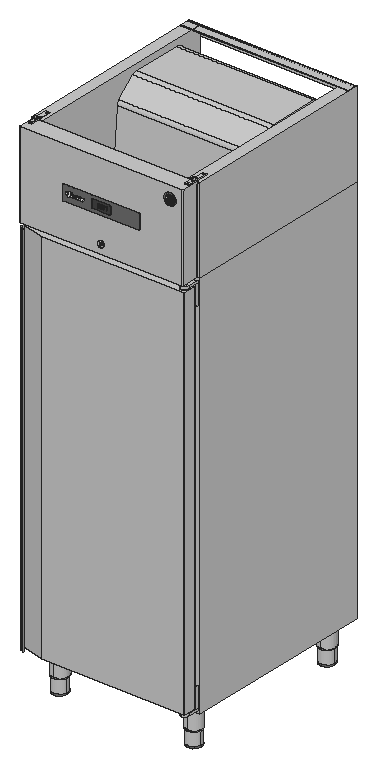
Revit family "QF_HOSHIZAKI_ADVANCE K 70-4 L DR", category Specialty Equipment, Revit 2016
Family settings
  Part Type = Normal
  Round Connector Dimension = Use Diameter
  OmniClass Number = 23.40.40.14
  OmniClass Title = Food Service Equipment
  Work Plane-Based = No
  Always vertical = Yes
  Cut with Voids When Loaded = No
  Shared = No
  Room Calculation Point = No
Parameters (values of type "131701010")
  Weight = 123.00 kg
  Volts = 230 V
  URL Cutsheet = ""
  URL = "www.hoshizaki-europe.com"
  Status [instance] = ""
  Specification by User [instance] = ""
  Specification by Manufacturer [instance] = ""
  Serial Number = ""
  Seismic Rating = ""
  SMACNA No = ""
  Revision Code [instance] = ""
  Phase = 1
  Number of Poles = 2
  NAFEM Spec ID Number = ""
  Model = "ADVANCE K 70-4 L DR"
  Min Ckt Ampacity = 0 A
  Max Overcurrent Protection = 0 A
  Masterspec = ""
  Manufacturer = "HOSHIZAKI"
  Length Actual = 654 mm
  Item Number [instance] = ""
  Installed By [instance] = ""
  Identify Quantity as Lot [instance] = no
  Height Actual = 2000 mm
  HP power = ""
  Furnished By [instance] = ""
  Foodservice Equipment Identifier [instance] = yes
  FL Amps = 6.52 A
  Electric power = 1500 W
  Electric Connection Type [instance] = ""
  Elec Conn RI Height [instance] = 0 mm
  Elec Conn Connection Height [instance] = 1600 mm
  Description = "ADVANCE REFRIGERATOR, 2/1 GN DEEP, AISI 304 STAINLESS STEEL EXTERIOR AND INTERIOR, HC NATURAL REFRIGERANT, LEGS"
  Depth Actual = 830 mm
  Cycle = 50 Hz
  Cost = 0
  Conn Plug = ""
  Conn Conduit = no
  CSI MasterFormat = ""
  Assembly Code = "E1090320"
  Apparent Power = 1500 VA
  Accessory = no
Reference planes
  plane 1 "Center (Front/Back)": y = 0
  plane 2: z = 0
  plane 3 "Center (Left/Right)": x = 0
Forms (mm)
  Extrusion 1, solid, not visible
    sketch origin (623, -2, 1700.5) x (1, 0, 0) y (0, 1, 0)
      loop
        line (0, 0) -> (2, 0) -> (2, 2) -> (0, 2) -> (0, 0)
    from 0 to 2
Dimensions and locks
  aligned and locked: level to plane 2
Nested families
  nested 1: "QF_HOSHIZAKI_131701010_230V_1Ph_50Hz" at (0, 0, 150), type "131701010_230V/1Ph/50Hz"
    with Show Logo yes, Show Clearance yes
  nested 2: "QF_HOSHIZAKI_PRE_ADV_LEGS" at (0, 0, 0), type "760660118-654X830"
    with Length Actual 654 mm, Height Actual 150 mm, Depth Actual 830 mm
  nested 3: "QF_HOSHIZAKI_AD_70_RX_SS_DOOR" at (0, -760, 160), type "AD_70_RX_SS_DOOR"
    with Show Logo yes, Show Clearance yes
Connectors
  electrical at (624, 0, 1701.5), driven by "Apparent Power", driven by "Number of Poles", driven by "Volts"
    settings: on Extrusion 1, index 1, voltage 230 V, apparent load 0 VA, apparent load phase1 1500 VA, apparent load phase2 0 VA, apparent load phase3 0 VA, power factor 1, load classification "Other", number of poles 2, system type 31, power factor state 1, is connector primary yes, connector utility no, sub classification motor no, connector description "Electric connection for '131701010'"
Definition of nested family "QF_HOSHIZAKI_131701010_230V_1Ph_50Hz"
  Parameters (values of type "131701010_230V/1Ph/50Hz")
    Show Logo [instance] = yes
    Show Clearance [instance] = yes
    Height Actual = 150 mm
    Assembly Code = "E1090300"
  Reference planes
    plane 1 "Back": y = 0
    plane 2: z = 0
    plane 3 "Left": x = 0
    plane 4 "Right": x = 654
    plane 5 "Front": y = -830.03
    plane 6 "Top": z = 1850
  Forms (mm)
    Extrusion 1, solid
      sketch origin (-36.57, 17.6, 1850) x (1, 0, 0) y (0, 1, 0)
        loop
          line (675.57, -773.038) -> (675.57, -726.21) -> (660.57, -726.21) -> (660.57, -773.038) -> (675.57, -773.038)
        loop
          circle (668.07, -734.247) r 1.711
        loop
          circle (668.07, -765.001) r 1.711
      from 0 to 2
    Extrusion 2, solid
      sketch origin (-36.57, -41.259, 1850) x (1, 0, 0) y (0, 1, 0)
        loop
          line (675.57, -752.351) -> (675.57, -720.851) -> (660.57, -720.851) -> (660.57, -752.351) -> (675.57, -752.351)
        loop
          circle (668.07, -727.851) r 1.711
        loop
          circle (668.07, -745.351) r 1.711
      from 0 to 2
    Extrusion 3, solid
      sketch origin (624, 17.6, -100.1) x (0, 1, 0) y (0, 0, 1)
        loop
          arc (-776.21, 1952.1) -> (-777.016, 1954.865) -> (-774.851, 1952.966) r 1.5
          line (-774.851, 1952.966) -> (-772.968, 1952.281)
          arc (-772.968, 1952.281) -> (-778.164, 1956.504) -> (-776.21, 1950.1) r 3.5
          line (-776.21, 1950.1) -> (-773.038, 1950.1) -> (-773.038, 1952.1) -> (-776.21, 1952.1)
      from 0 to 15
    Extrusion 4, solid
      sketch origin (-645.57, 17.6, 1850) x (1, 0, 0) y (0, 1, 0)
        loop
          line (675.57, -773.038) -> (675.57, -726.21) -> (660.57, -726.21) -> (660.57, -773.038) -> (675.57, -773.038)
        loop
          circle (668.07, -734.247) r 1.711
        loop
          circle (668.07, -765.001) r 1.711
      from 0 to 2
    Extrusion 5, solid
      sketch origin (-645.57, -41.259, 1850) x (1, 0, 0) y (0, 1, 0)
        loop
          line (675.57, -752.351) -> (675.57, -720.851) -> (660.57, -720.851) -> (660.57, -752.351) -> (675.57, -752.351)
        loop
          circle (668.07, -727.851) r 1.711
        loop
          circle (668.07, -745.351) r 1.711
      from 0 to 2
    Extrusion 6, solid
      sketch origin (15, 17.6, -100.1) x (0, 1, 0) y (0, 0, 1)
        loop
          arc (-776.21, 1952.1) -> (-777.016, 1954.865) -> (-774.851, 1952.966) r 1.5
          line (-774.851, 1952.966) -> (-772.968, 1952.281)
          arc (-772.968, 1952.281) -> (-778.164, 1956.504) -> (-776.21, 1950.1) r 3.5
          line (-776.21, 1950.1) -> (-773.038, 1950.1) -> (-773.038, 1952.1) -> (-776.21, 1952.1)
      from 0 to 15
    Extrusion 7, solid
      sketch origin (0, 0, -100) x (0, 1, 0) y (0, 0, 1)
        loop
          line (-760, 1617.5) -> (0, 1617.5) -> (0, 1948.5)
          arc (0, 1948.5) -> (-0.439, 1949.561) -> (-1.5, 1950) r 1.5
          line (-1.5, 1950) -> (-759.35, 1950)
          arc (-759.35, 1950) -> (-759.81, 1949.81) -> (-760, 1949.35) r 0.65
          line (-760, 1949.35) -> (-760, 1617.5)
      from 0 to 45
    Extrusion 8, solid
      sketch origin (609, 0, -100) x (0, 1, 0) y (0, 0, 1)
        loop
          line (-760, 1617.5) -> (0, 1617.5) -> (0, 1948.5)
          arc (0, 1948.5) -> (-0.439, 1949.561) -> (-1.5, 1950) r 1.5
          line (-1.5, 1950) -> (-759.35, 1950)
          arc (-759.35, 1950) -> (-759.81, 1949.81) -> (-760, 1949.35) r 0.65
          line (-760, 1949.35) -> (-760, 1617.5)
      from 0 to 45
    Extrusion 9, solid
      sketch origin (0, 1.5, -100.1) x (0, 1, 0) y (0, 0, 1)
        loop
          line (-1.51, 1951.6) -> (-38.51, 1951.6) -> (-38.51, 1950.1) -> (-3, 1950.1)
          arc (-3, 1950.1) -> (-1.939, 1949.661) -> (-1.5, 1948.6) r 1.5
          line (-1.5, 1948.6) -> (-1.5, 1914.7) -> (0, 1914.7) -> (0, 1950.09)
          arc (0, 1950.09) -> (-0.442, 1951.158) -> (-1.51, 1951.6) r 1.51
      from 1.06 to 653.06
    Extrusion 10, solid
      sketch origin (0, 17.6, 1849.9) x (1, 0, 0) y (0, 1, 0)
        loop
          line (10, -778.8) -> (10, -842.7)
          arc (10, -842.7) -> (11.435, -846.165) -> (14.9, -847.6) r 4.9
          line (14.9, -847.6) -> (639.1, -847.6)
          arc (639.1, -847.6) -> (642.565, -846.165) -> (644, -842.7) r 4.9
          line (644, -842.7) -> (644, -778.8)
          arc (644, -778.8) -> (643.649, -777.951) -> (642.8, -777.6) r 1.2
          line (642.8, -777.6) -> (11.2, -777.6)
          arc (11.2, -777.6) -> (10.351, -777.951) -> (10, -778.8) r 1.2
      from -332.4 to 0.1
    Extrusion 11, solid
      sketch origin (7.29, 0, -100) x (0, 1, 0) y (0, 0, 1)
        loop
          arc (-113.281, 1932.651) -> (-120.8, 1936.992) -> (-129.35, 1938.5) r 25
          line (-129.35, 1938.5) -> (-324.65, 1938.5)
          arc (-324.65, 1938.5) -> (-333.2, 1936.992) -> (-340.719, 1932.651) r 25
          line (-340.719, 1932.651) -> (-408.922, 1875.423)
          arc (-408.922, 1875.423) -> (-415.027, 1867.815) -> (-417.757, 1858.45) r 25
          line (-417.757, 1858.45) -> (-436.998, 1638.52) -> (-17.002, 1638.52) -> (-36.243, 1858.45)
          arc (-36.243, 1858.45) -> (-38.973, 1867.815) -> (-45.078, 1875.423) r 25
          line (-45.078, 1875.423) -> (-113.281, 1932.651)
      from 52.71 to 586.71
    Extrusion 12, solid
      sketch origin (0, 0, -100) x (1, 0, 0) y (0, 0, 1)
        loop
          line (45, 1638.52) -> (45, 1617.5) -> (609, 1617.5) -> (609, 1638.52) -> (45, 1638.52)
      from 0 to 760
    Extrusion 13, solid, visible <- "Show Logo"
      sketch origin (1053.884, -828.5, -60.1) x (-1, 0, 0) y (0, 0, -1)
        loop
          circle (459.884, -1862.5) r 13.99
      from 0 to 2.5
    Extrusion 14, solid, visible <- "Show Logo"
      sketch origin (1053.884, -829, -60.1) x (-1, 0, 0) y (0, 0, -1)
        loop
          circle (459.884, -1862.5) r 15
        loop
          arc (446.884, -1862.5) -> (460.705, -1875.474) -> (472.781, -1860.863) r 13
          line (472.781, -1860.863) -> (470.355, -1858.437) -> (469.346, -1862.201) -> (466.355, -1863.928) -> (465.024, -1865.26) -> (463.375, -1865.26) -> (462.04, -1870.241) -> (457.755, -1870.241) -> (459.339, -1867.979) -> (460.402, -1864.014) -> (461.224, -1860.945) -> (462.416, -1856.497) -> (461.216, -1855.297) -> (459.433, -1857.843) -> (455.784, -1851.523) -> (460.361, -1851.523) -> (461.471, -1853.446) -> (469.213, -1853.446)
          arc (469.213, -1853.446) -> (460.394, -1849.51) -> (451.293, -1852.743) r 13
          line (451.293, -1852.743) -> (455.577, -1853.891) -> (453.752, -1856.497) -> (455.349, -1856.497) -> (454.477, -1866.459) -> (452.538, -1866.459) -> (446.884, -1862.5)
        loop
          line (447.853, -1857.467) -> (452.313, -1861.926) -> (450.144, -1853.891)
          arc (450.144, -1853.891) -> (448.878, -1855.602) -> (447.853, -1857.467) r 15.828
        loop
          line (463.583, -1862.877) -> (466.64, -1862.399) -> (464.901, -1861.285) -> (463.583, -1857.664) -> (463.583, -1862.877)
        loop
          line (464.827, -1855.979) -> (468.296, -1856.908) -> (469.573, -1854.916) -> (468.881, -1854.224) -> (467.914, -1855.035) -> (464.827, -1855.979)
        loop
          line (462.609, -1872.307) -> (462.609, -1874.009) -> (464.927, -1873.388) -> (462.609, -1872.307)
        loop
          line (460.361, -1874.662) -> (459.594, -1873.335) -> (460.801, -1872.638) -> (459.186, -1872.205) -> (458.298, -1874.11) -> (460.361, -1874.662)
        loop
          line (459.623, -1846.783) -> (460.706, -1845.701) -> (462.247, -1845.701) -> (461.191, -1844.645) -> (461.503, -1842.874) -> (459.623, -1843.959) -> (457.743, -1842.874) -> (458.055, -1844.645) -> (456.999, -1845.701) -> (458.54, -1845.701) -> (459.623, -1846.783)
        loop
          line (446.86, -1853.7) -> (446.594, -1852.191) -> (447.478, -1850.929) -> (446.007, -1851.188) -> (444.736, -1849.917) -> (444.547, -1852.08) -> (442.579, -1852.997) -> (444.209, -1853.757) -> (444.468, -1855.228) -> (445.352, -1853.965) -> (446.86, -1853.7)
        loop
          line (452.395, -1848.68) -> (452.856, -1847.219) -> (454.223, -1846.508) -> (452.799, -1846.059) -> (452.258, -1844.344) -> (451.091, -1846.175) -> (448.922, -1846.08) -> (450.017, -1847.507) -> (449.568, -1848.931) -> (450.935, -1848.219) -> (452.395, -1848.68)
        loop
          line (472.909, -1853.7) -> (474.417, -1853.965) -> (475.301, -1855.228) -> (475.56, -1853.757) -> (477.19, -1852.997) -> (475.222, -1852.08) -> (475.033, -1849.917) -> (473.761, -1851.188) -> (472.291, -1850.929) -> (473.175, -1852.191) -> (472.909, -1853.7)
        loop
          line (467.374, -1848.68) -> (468.834, -1848.219) -> (470.201, -1848.931) -> (469.752, -1847.507) -> (470.847, -1846.08) -> (468.678, -1846.175) -> (467.511, -1844.344) -> (466.97, -1846.059) -> (465.546, -1846.508) -> (466.913, -1847.219) -> (467.374, -1848.68)
      from 0 to 2.5
    Extrusion 15, solid, visible <- "Show Logo"
      sketch origin (1053.884, -829, -60.1) x (-1, 0, 0) y (0, 0, -1)
        loop
          line (462.609, -1874.009) -> (462.609, -1872.307) -> (462.085, -1870.241) -> (457.755, -1870.241) -> (459.339, -1867.979) -> (462.416, -1856.497) -> (461.216, -1855.297) -> (459.433, -1857.843) -> (455.808, -1851.565) -> (453.948, -1851.565) -> (455.577, -1853.891) -> (454.477, -1866.459) -> (456.345, -1871.339)
          arc (456.345, -1871.339) -> (456.868, -1874.025) -> (459.213, -1875.435) r 3.366
          arc (459.213, -1875.435) -> (460.198, -1875.496) -> (461.183, -1875.435) r 8.046
          line (461.183, -1875.435) -> (462.609, -1874.009)
        loop
          line (456.854, -1851.523) -> (460.361, -1851.523) -> (460.916, -1852.485) -> (462.702, -1852.485) -> (463.779, -1851.407) -> (460.623, -1851.407) -> (461.563, -1850.468) -> (456.245, -1850.468) -> (456.854, -1851.523)
        loop
          line (460.361, -1874.662) -> (459.594, -1873.335) -> (460.801, -1872.638) -> (459.186, -1872.205) -> (458.298, -1874.11) -> (460.361, -1874.662)
      from 0 to 2.5
    Extrusion 16, solid, visible <- "Show Logo"
      sketch origin (1039.5, -828.5, 1238.8) x (-1, 0, 0) y (0, 0, -1)
        loop
          circle (445.5, -563.6) r 22.5
      from 0 to 2
    Extrusion 17, solid
      sketch origin (0, 0, 0) x (1, 0, 0) y (0, 0, 1)
        loop
          line (0, 1517.5) -> (0, 0) -> (654, 0) -> (654, 1517.5) -> (0, 1517.5)
        loop
          line (60, 1457.5) -> (60, 60) -> (594, 60) -> (594, 1457.5) -> (60, 1457.5)
      from 0 to 760
    Extrusion 18, solid
      sketch origin (0, 0, 0) x (1, 0, 0) y (0, 0, 1)
        loop
          line (60, 60) -> (594, 60) -> (594, 1457.5) -> (60, 1457.5) -> (60, 60)
      from 0 to 45
    Extrusion 19, solid
      sketch origin (619.076, -828.5, -100.11) x (1, 0, 0) y (0, 0, 1)
        loop
          arc (-147.076, 1752.13) -> (-143.541, 1753.594) -> (-142.076, 1757.13) r 5
          line (-142.076, 1757.13) -> (-142.076, 1807.13)
          arc (-142.076, 1807.13) -> (-143.541, 1810.666) -> (-147.076, 1812.13) r 5
          line (-147.076, 1812.13) -> (-437.076, 1812.13)
          arc (-437.076, 1812.13) -> (-440.612, 1810.666) -> (-442.076, 1807.13) r 5
          line (-442.076, 1807.13) -> (-442.076, 1757.13)
          arc (-442.076, 1757.13) -> (-440.612, 1753.594) -> (-437.076, 1752.13) r 5
          line (-437.076, 1752.13) -> (-147.076, 1752.13)
        loop
          line (-329.576, 1792.63) -> (-329.576, 1771.63)
          arc (-329.576, 1771.63) -> (-327.819, 1767.387) -> (-323.576, 1765.63) r 6
          line (-323.576, 1765.63) -> (-260.576, 1765.63)
          arc (-260.576, 1765.63) -> (-256.334, 1767.387) -> (-254.576, 1771.63) r 6
          line (-254.576, 1771.63) -> (-254.576, 1792.63)
          arc (-254.576, 1792.63) -> (-256.334, 1796.873) -> (-260.576, 1798.63) r 6
          line (-260.576, 1798.63) -> (-323.576, 1798.63)
          arc (-323.576, 1798.63) -> (-327.819, 1796.873) -> (-329.576, 1792.63) r 6
      from 0 to 2
    Extrusion 20, solid
      sketch origin (619.076, -828.5, -100.11) x (1, 0, 0) y (0, 0, 1)
        loop
          arc (-323.576, 1798.63) -> (-327.819, 1796.873) -> (-329.576, 1792.63) r 6
          line (-329.576, 1792.63) -> (-329.576, 1771.63)
          arc (-329.576, 1771.63) -> (-327.819, 1767.387) -> (-323.576, 1765.63) r 6
          line (-323.576, 1765.63) -> (-260.576, 1765.63)
          arc (-260.576, 1765.63) -> (-256.334, 1767.387) -> (-254.576, 1771.63) r 6
          line (-254.576, 1771.63) -> (-254.576, 1792.63)
          arc (-254.576, 1792.63) -> (-256.334, 1796.873) -> (-260.576, 1798.63) r 6
          line (-260.576, 1798.63) -> (-323.576, 1798.63)
      from 0 to 2
    Extrusion 21, solid
      sketch origin (619.076, -829, -100.11) x (1, 0, 0) y (0, 0, 1)
        loop
          line (-298.911, 1787.691) -> (-298.115, 1788.439) -> (-298.929, 1789.206) -> (-304.501, 1789.206) -> (-305.3, 1788.422) -> (-304.534, 1787.691) -> (-298.911, 1787.691)
        loop
          line (-296.938, 1787.449) -> (-297.831, 1788.111) -> (-298.725, 1787.449) -> (-298.725, 1783.432) -> (-297.831, 1782.769) -> (-296.938, 1783.432) -> (-296.938, 1787.449)
        loop
          line (-298.911, 1777.181) -> (-304.534, 1777.181) -> (-305.3, 1776.45) -> (-304.501, 1775.666) -> (-298.929, 1775.666) -> (-298.115, 1776.432) -> (-298.911, 1777.181)
        loop
          line (-296.938, 1777.423) -> (-296.938, 1781.44) -> (-297.831, 1782.103) -> (-298.725, 1781.44) -> (-298.725, 1777.423) -> (-297.831, 1776.761) -> (-296.938, 1777.423)
        loop
          line (-298.911, 1783.189) -> (-304.534, 1783.189) -> (-305.3, 1782.459) -> (-304.501, 1781.675) -> (-298.929, 1781.675) -> (-298.115, 1782.441) -> (-298.911, 1783.189)
        loop
          line (-270.911, 1787.691) -> (-270.115, 1788.439) -> (-270.929, 1789.206) -> (-276.501, 1789.206) -> (-277.3, 1788.422) -> (-276.534, 1787.691) -> (-270.911, 1787.691)
        loop
          line (-268.938, 1787.449) -> (-269.831, 1788.111) -> (-270.725, 1787.449) -> (-270.725, 1783.432) -> (-269.831, 1782.769) -> (-268.938, 1783.432) -> (-268.938, 1787.449)
        loop
          line (-268.938, 1777.423) -> (-268.938, 1781.44) -> (-269.831, 1782.103) -> (-270.725, 1781.44) -> (-270.725, 1777.423) -> (-269.831, 1776.761) -> (-268.938, 1777.423)
        loop
          line (-294.968, 1776.333) -> (-293.829, 1775.386) -> (-292.676, 1776.348) -> (-293.829, 1777.28) -> (-294.968, 1776.333)
        loop
          line (-282.911, 1777.226) -> (-288.534, 1777.226) -> (-289.3, 1776.496) -> (-288.501, 1775.712) -> (-282.929, 1775.712) -> (-282.115, 1776.478) -> (-282.911, 1777.226)
        loop
          line (-280.938, 1777.469) -> (-280.938, 1781.486) -> (-281.831, 1782.148) -> (-282.725, 1781.486) -> (-282.725, 1777.469) -> (-281.831, 1776.806) -> (-280.938, 1777.469)
        loop
          line (-282.911, 1787.737) -> (-282.115, 1788.485) -> (-282.929, 1789.251) -> (-288.501, 1789.251) -> (-289.3, 1788.467) -> (-288.534, 1787.737) -> (-282.911, 1787.737)
        loop
          line (-280.938, 1787.494) -> (-281.831, 1788.157) -> (-282.725, 1787.494) -> (-282.725, 1783.477) -> (-281.831, 1782.815) -> (-280.938, 1783.477) -> (-280.938, 1787.494)
        loop
          line (-282.911, 1781.728) -> (-282.115, 1782.476) -> (-282.929, 1783.243) -> (-288.501, 1783.243) -> (-289.3, 1782.459) -> (-288.534, 1781.728) -> (-282.911, 1781.728)
        loop
          line (-290.492, 1787.494) -> (-290.492, 1783.477) -> (-289.599, 1782.815) -> (-288.705, 1783.477) -> (-288.705, 1787.494) -> (-289.599, 1788.157) -> (-290.492, 1787.494)
      from 0 to 2
    Revolve 22, solid
      sketch origin (327, 917.6, -100.11) x (0, 1, 0) y (0, 0, 1)
        loop
          line (-1752.6, 1652.1) -> (-1747.6, 1652.1) -> (-1747.6, 1662.634)
          arc (-1747.6, 1662.634) -> (-1748.329, 1663.731) -> (-1749.631, 1663.534) r 1.226
          line (-1749.631, 1663.534) -> (-1752.6, 1660.565) -> (-1752.6, 1652.1)
        axis (-1747.6, 1652.1) -> (-1752.6, 1652.1)
      angle from 0 to 360
    Extrusion 23, void
      sketch origin (-818.06, -833.5, -101.61) x (1, 0, 0) y (0, 0, 1)
        loop
          line (1143.96, 1657.815) -> (1143.96, 1649.385) -> (1146.16, 1649.385) -> (1146.16, 1657.815) -> (1143.96, 1657.815)
      from -1.469 to 2
    Extrusion 24, solid, visible <- "Show Logo"
      sketch origin (787.623, -829, -98.186) x (1, 0, 0) y (0, 0, 1)
        loop
          line (-574.302, 1788.729) -> (-583.131, 1788.729)
          arc (-583.131, 1788.729) -> (-589.303, 1787.599) -> (-594.673, 1784.355) r 17.416
          arc (-594.673, 1784.355) -> (-596.462, 1781.094) -> (-595.769, 1777.439) r 5.506
          arc (-595.769, 1777.439) -> (-593.146, 1774.866) -> (-589.587, 1773.956) r 7.07
          line (-589.587, 1773.956) -> (-587.25, 1773.956) -> (-588.248, 1771.34) -> (-581.613, 1771.34) -> (-580.432, 1773.956) -> (-571.398, 1773.956) -> (-569.064, 1779.592) -> (-566.746, 1773.956) -> (-559.715, 1773.956) -> (-557.728, 1776.29) -> (-552.838, 1776.29) -> (-551.953, 1773.956) -> (-545.563, 1773.956) -> (-543.121, 1779.778) -> (-540.707, 1773.914) -> (-533.897, 1779.586) -> (-536.239, 1773.956) -> (-530.603, 1773.956) -> (-526.429, 1784.233) -> (-531.941, 1784.233) -> (-537.329, 1779.747) -> (-539.135, 1784.233) -> (-544.054, 1784.233) -> (-547.268, 1776.58) -> (-550.408, 1784.233) -> (-554.271, 1784.233) -> (-561.118, 1776.477) -> (-561.995, 1776.477) -> (-562.958, 1778.877)
          arc (-562.958, 1778.877) -> (-561.217, 1779.568) -> (-560.011, 1781.001) r 3.84
          arc (-560.011, 1781.001) -> (-560.124, 1783.171) -> (-562.025, 1784.225) r 2.241
          line (-562.025, 1784.225) -> (-573.005, 1784.225) -> (-576.227, 1776.507) -> (-579.37, 1776.507) -> (-576.183, 1784.227) -> (-585.103, 1784.227) -> (-586.099, 1781.742) -> (-583.981, 1781.742) -> (-586.194, 1776.345)
          arc (-586.194, 1776.345) -> (-588.764, 1776.925) -> (-590.188, 1779.141) r 3.476
          arc (-590.188, 1779.141) -> (-590.046, 1780.636) -> (-589.587, 1782.064) r 6.962
          arc (-589.587, 1782.064) -> (-587.018, 1785.071) -> (-583.227, 1786.194) r 6.962
          line (-583.227, 1786.194) -> (-575.446, 1786.194) -> (-574.302, 1788.729)
        loop
          line (-568.201, 1781.677) -> (-568.99, 1779.771) -> (-567.006, 1779.771)
          arc (-567.006, 1779.771) -> (-565.95, 1780.209) -> (-565.513, 1781.264) r 1.493
          arc (-565.513, 1781.264) -> (-565.795, 1781.565) -> (-566.192, 1781.677) r 0.765
          line (-566.192, 1781.677) -> (-568.201, 1781.677)
        loop
          line (-554.482, 1780.63) -> (-556.797, 1778.007) -> (-553.488, 1778.007) -> (-554.482, 1780.63)
      from 0 to 2
  Cuts and joins
    joined: Extrusion 17, Extrusion 18
    Extrusion 23 cuts Revolve 22
  Lines and regions (mm)
    symbolic lines
      curve 1: line (0, 0, 0) -> (0, -760, 0)
      curve 2: line (654, -760, 0) -> (654, 0, 0)
      curve 3: line (14.9, -830, 0) -> (639.1, -830, 0)
      curve 4: line (654, 0, 0) -> (0, 0, 0)
      curve 5: line (60, -37.01, 0) -> (60, -436.998, 0)
      curve 6: line (60, -436.998, 0) -> (594, -436.998, 0)
      curve 7: line (594, -436.998, 0) -> (594, -37.01, 0)
      curve 8: line (609, -37.01, 0) -> (609, -760, 0)
      curve 9: line (45, -760, 0) -> (45, -37.01, 0)
      curve 10: line (0, -37.01, 0) -> (654, -37.01, 0)
      curve 11: line (654, -760, 0) -> (0, -760, 0)
      curve 12: line (644, -825.1, 0) -> (644, -761.2, 0)
      curve 13: arc (639.1, -830, 0) -> (642.565, -828.565, 0) -> (644, -825.1, 0) r 4.9
      curve 14: arc (10, -825.1, 0) -> (11.435, -828.565, 0) -> (14.9, -830, 0) r 4.9
      curve 15: line (10, -761.2, 0) -> (10, -825.1, 0)
      curve 16: arc (11.2, -760, 0) -> (10.351, -760.351, 0) -> (10, -761.2, 0) r 1.2
      curve 17: arc (644, -761.2, 0) -> (643.649, -760.351, 0) -> (642.8, -760, 0) r 1.2
  Dimensions and locks
    plane 4 "Right" to plane 3 "Left" = 654 mm
    plane 6 "Top" to level = 1850 mm  (x2)
    plane 3 "Left" to plane 4 "Right" = 654 mm
    plane 5 "Front" to plane 1 "Back" = 830.03 mm
    plane 1 "Back" to plane 5 "Front" = 830.03 mm
    aligned and locked: level to plane 2
Definition of nested family "QF_HOSHIZAKI_PRE_ADV_LEGS"
  Parameters (values of type "760660118-654X830")
    Weight [instance] = 0.00 kg
    URL Cutsheet [instance] = ""
    URL = "www.hoshizaki-europe.com"
    Status [instance] = ""
    Specification by User [instance] = ""
    Specification by Manufacturer [instance] = ""
    Serial Number [instance] = ""
    Seismic Rating [instance] = ""
    SMACNA No [instance] = ""
    Right offset = 67 mm
    Revision Code [instance] = ""
    Rear offset = 58 mm
    NAFEM Spec ID Number [instance] = ""
    Model = "760660118"
    Masterspec [instance] = ""
    Manufacturer = "HOSHIZAKI"
    Length Actual [instance] = 654 mm
    Left offset = 67 mm
    Item Number [instance] = ""
    Installed By [instance] = ""
    Identify Quantity as Lot [instance] = no
    Height Actual [instance] = 150 mm
    Furnished By [instance] = ""
    Front offset = 125 mm
    Foodservice Equipment Identifier [instance] = no
    Description = "SET OF 4 STAINLESS LEGS 130-180 MM - 654X830 MM"
    Depth Actual [instance] = 830 mm
    Cost = 0
    CSI MasterFormat [instance] = ""
    Assembly Code = "E1090320"
    Accessory [instance] = yes
  Reference planes
    plane 1 "Back": y = 0
    plane 2: z = 0
    plane 3 "Left": x = 0
    plane 4 "Right": x = 654
    plane 5 "Front": y = -830
    plane 6 "Top": z = 150
    plane 7 "Left offset": x = 67
    plane 8 "Right offset": x = 587
    plane 9 "Rear offset": y = -58
    plane 10 "Front offset": y = -705
    plane 11 "Central": x = 327
  Dimensions and locks
    "Length Actual": plane 3 "Left" to plane 4 "Right"
    "Depth Actual": plane 5 "Front" to plane 1 "Back"
    "Left offset": plane 3 "Left" to plane 7 "Left offset"
    "Right offset": plane 8 "Right offset" to plane 4 "Right"
    "Rear offset": plane 9 "Rear offset" to plane 1 "Back"
    "Front offset": plane 10 "Front offset" to plane 5 "Front"
    "Height Actual": plane 6 "Top" to plane 2
    equal spacing: plane 7 "Left offset", plane 11 "Central", plane 8 "Right offset"
    aligned and locked: level to plane 2
    aligned and locked: nested 1 to plane 9 "Rear offset"
    aligned and locked: nested 2 to plane 9 "Rear offset"
    aligned and locked: nested 1 to plane 7 "Left offset"
    aligned and locked: nested 2 to plane 8 "Right offset"
    aligned and locked: nested 3 to plane 10 "Front offset"
    aligned and locked: nested 4 to plane 10 "Front offset"
    aligned and locked: nested 3 to plane 7 "Left offset"
    aligned and locked: nested 4 to plane 8 "Right offset"
  Nested families
    nested 1: "QF_LEGS" at (67, -58, 0), type "LEGS"
    nested 2: "QF_LEGS" at (587, -58, 0), type "LEGS"
    nested 3: "QF_LEGS" at (67, -705, 0), type "LEGS"
    nested 4: "QF_LEGS" at (587, -705, 0), type "LEGS"
  Definition of nested family "QF_LEGS"
    Parameters (values of type "LEGS")
      Height = 150 mm
    Reference planes
      plane 1 "Center (Front/Back)": y = 0
      plane 2: z = 0
      plane 3 "Center (Left/Right)": x = 0
      plane 4 "Top": z = 150
      plane 5: z = 147.5
    Forms (mm)
      Extrusion 1, solid
        sketch origin (0, 0, 150) x (0, 1, 0) y (-1, 0, 0)
          loop
            line (40, 40) -> (-40, 40) -> (-40, -40) -> (40, -40) -> (40, 40)
        from 0 to -2.5
      Extrusion 2, solid
        sketch origin (-199.986, 580, 0) x (1, 0, 0) y (0, 1, 0)
          loop
            circle (199.986, -580) r 28
        from 5 to 58
      Extrusion 3, solid
        sketch origin (-199.986, 580, 0) x (1, 0, 0) y (0, 1, 0)
          loop
            circle (199.986, -580) r 29
        from 0 to 5
      Revolve 4, solid
        sketch origin (0, 0, 0) x (0, 1, 0) y (0, 0, 1)
          loop
            line (0, 147.5) -> (-31.75, 147.5) -> (-31.75, 61.75)
            arc (-31.75, 61.75) -> (-30.652, 59.098) -> (-28, 58) r 3.75
            line (-28, 58) -> (0, 58) -> (0, 147.5)
          axis (0, 58) -> (0, 147.5)
        angle from 0 to 360
    Dimensions and locks
      "Height": plane 4 "Top" to plane 2
      locked: plane 4 "Top" to plane 5 at 2.5
      aligned and locked: level to plane 2
      aligned and locked: Revolve 4 sketch curve to plane 1 "Center (Front/Back)"
      aligned and locked: Extrusion 1 to plane 5
      aligned and locked: Revolve 4 sketch curve to plane 5
    Automatic sketch dimensions
      plane 1 "Center (Front/Back)" to Extrusion 1 sketch curve = 40 mm
      Extrusion 1 sketch curve to plane 1 "Center (Front/Back)" = 40 mm
      plane 3 "Center (Left/Right)" to Extrusion 1 sketch curve = 40 mm
      Extrusion 1 sketch curve to plane 3 "Center (Left/Right)" = 40 mm
      plane 1 "Center (Front/Back)" to Extrusion 2 sketch curve = 0 mm
      Extrusion 2 sketch curve to plane 3 "Center (Left/Right)" = 0 mm
      plane 1 "Center (Front/Back)" to Extrusion 3 sketch curve = 0 mm
      Extrusion 3 sketch curve to plane 3 "Center (Left/Right)" = 0 mm
      Revolve 4 sketch curve to plane 1 "Center (Front/Back)" = 0 mm
      Revolve 4 sketch curve to plane 5 = 0 mm
      plane 1 "Center (Front/Back)" to Revolve 4 sketch curve = 28 mm
      level to Revolve 4 sketch curve = 61.75 mm
      Revolve 4 sketch curve to Revolve 4 sketch curve = 3.75 mm
      Revolve 4 sketch curve to Revolve 4 sketch curve = 28 mm
      radius of Extrusion 2 sketch curve = 28 mm
      radius of Extrusion 3 sketch curve = 29 mm
Definition of nested family "QF_HOSHIZAKI_AD_70_RX_SS_DOOR"
  Parameters (values of type "AD_70_RX_SS_DOOR")
    Weight [instance] = 0.00 kg
    URL Cutsheet [instance] = ""
    URL = "www.hoshizaki-europe.com"
    Status [instance] = ""
    Specification by User [instance] = ""
    Specification by Manufacturer [instance] = ""
    Show Logo [instance] = yes
    Show Clearance [instance] = yes
    Serial Number [instance] = ""
    Seismic Rating [instance] = ""
    SMACNA No [instance] = ""
    Revision Code [instance] = ""
    NAFEM Spec ID Number [instance] = ""
    Model = "AD_70_RX_SS_DOOR"
    Masterspec [instance] = ""
    Manufacturer = "HOSHIZAKI"
    Length Actual [instance] = 0 mm
    Item Number [instance] = ""
    Installed By [instance] = ""
    Identify Quantity as Lot [instance] = no
    Height Actual [instance] = 0 mm
    Furnished By [instance] = ""
    Foodservice Equipment Identifier [instance] = no
    Description = "STAINLESS STEEL RIGHT OPENING DOOR"
    Depth Actual [instance] = 0 mm
    Cost = 0
    CSI MasterFormat [instance] = ""
    Assembly Code = "E1090300"
    Accessory [instance] = yes
  Reference planes
    plane 1 "Back": y = 0
    plane 2: z = 0
    plane 3 "Left": x = 0
    plane 4 "Right": x = 654
    plane 5 "Front": y = -70
    plane 6 "Top": z = 1495
  Forms (mm)
    Extrusion 1, solid
      sketch origin (-17.967, -34.997, 17.1) x (1, 0, 0) y (0, 0, 1)
        loop
          line (637.933, 1453.343) -> (53.047, 1453.343) -> (53.047, 14.657) -> (637.933, 14.657) -> (637.933, 1453.343)
        loop
          line (73.047, 1433.343) -> (73.047, 34.657) -> (617.933, 34.657) -> (617.933, 1433.343) -> (73.047, 1433.343)
      from -34.997 to -15.007
    Extrusion 2, solid
      sketch origin (-32.717, 3.632, 1485.1) x (1, 0, 0) y (0, 1, 0)
        loop
          line (646.35, -3.632) -> (646.35, -45.629)
          arc (646.35, -45.629) -> (662.35, -61.629) -> (678.35, -45.629) r 16
          line (678.35, -45.629) -> (678.35, -3.632) -> (646.35, -3.632)
        loop
          circle (662.35, -45.629) r 5
      from 2.9 to 9.9
    Extrusion 3, solid
      sketch origin (-32.717, 2.629, -84.9) x (0, 1, 0) y (0, 0, 1)
        loop
          line (-9.129, 1500.199) -> (-4.629, 1493.9) -> (-2.629, 1493.9) -> (-2.629, 1572.9) -> (-9.129, 1572.9) -> (-9.129, 1500.199)
      from 646.35 to 678.35
    Extrusion 4, solid
      sketch origin (-32.717, 3.632, 1485.1) x (1, 0, 0) y (0, 1, 0)
        loop
          circle (662.35, -45.629) r 16
      from 0 to 2.9
    Extrusion 5, solid
      sketch origin (-32.717, 3.632, 1485.1) x (1, 0, 0) y (0, 1, 0)
        loop
          circle (662.35, -45.629) r 5
      from 0 to 9.9
    Extrusion 6, solid
      sketch origin (-32.717, 3.632, 15.1) x (1, 0, 0) y (0, 1, 0)
        loop
          line (602.25, -32.879) -> (602.25, -58.379) -> (677.25, -58.379) -> (677.25, -32.879) -> (602.25, -32.879)
        loop
          circle (636.875, -45.629) r 5
        loop
          circle (611.525, -45.629) r 5
      from 0 to 2
    Extrusion 7, solid
      sketch origin (-32.717, 3.632, -2.9) x (0, -1, 0) y (1, 0, 0)
        loop
          line (3.632, 646.35) -> (45.629, 646.35)
          arc (45.629, 646.35) -> (61.629, 662.35) -> (45.629, 678.35) r 16
          line (45.629, 678.35) -> (3.632, 678.35) -> (3.632, 646.35)
        loop
          circle (45.629, 662.35) r 5
      from 2.9 to 9.9
    Extrusion 8, solid
      sketch origin (-32.717, 2.629, 1579.9) x (0, 1, 0) y (0, 0, 1)
        loop
          line (-9.129, -1500.199) -> (-9.129, -1572.9) -> (-2.629, -1572.9) -> (-2.629, -1493.9) -> (-4.629, -1493.9) -> (-9.129, -1500.199)
      from 646.35 to 678.35
    Extrusion 9, solid
      sketch origin (-32.717, 3.632, -1) x (0, -1, 0) y (1, 0, 0)
        loop
          circle (45.629, 662.35) r 5
      from 0 to 16.1
    Extrusion 10, solid
      sketch origin (-120.849, -113.154, 17.1) x (1, 0, 0) y (0, 1, 0)
        loop
          line (769.772, 93.164) -> (126.159, 93.164)
          arc (126.159, 93.164) -> (125.586, 92.927) -> (125.349, 92.354) r 0.81
          line (125.349, 92.354) -> (125.349, 59.955)
          arc (125.349, 59.955) -> (128.081, 51.647) -> (135.209, 46.581) r 14
          line (135.209, 46.581) -> (142.86, 44.213)
          arc (142.86, 44.213) -> (143.923, 44.774) -> (143.363, 45.837) r 0.85
          line (143.363, 45.837) -> (135.929, 48.138)
          arc (135.929, 48.138) -> (129.536, 52.667) -> (127.057, 60.1) r 12.598
          line (127.057, 60.1) -> (127.057, 70.711) -> (216.079, 43.154) -> (769.772, 43.154)
          arc (769.772, 43.154) -> (770.203, 43.333) -> (770.382, 43.764) r 0.61
          line (770.382, 43.764) -> (770.382, 92.554)
          arc (770.382, 92.554) -> (770.203, 92.985) -> (769.772, 93.164) r 0.61
      from 0 to 1468
  Dimensions and locks
    plane 4 "Right" to plane 3 "Left" = 654 mm
    plane 6 "Top" to level = 1495 mm  (x2)
    plane 3 "Left" to plane 4 "Right" = 654 mm
    plane 5 "Front" to plane 1 "Back" = 70 mm
    plane 1 "Back" to plane 5 "Front" = 70 mm
    aligned and locked: level to plane 2
